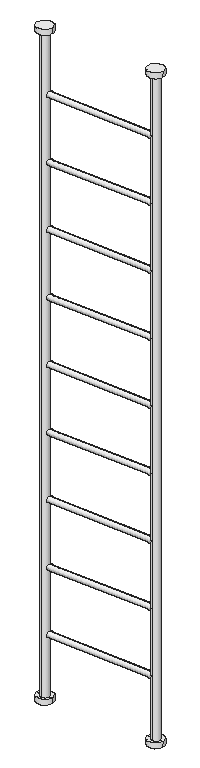
Revit family "Reece_Accessory_Milli_Mood Edit_Non Heated Towel Rail_Floor to Ceiling_550 mm", category Plumbing Fixtures, Revit 2018
Family settings
  Round Connector Dimension = Use Diameter
  Part Type = Normal
  Work Plane-Based = Yes
  Always vertical = Yes
  Cut with Voids When Loaded = Yes
  Shared = Yes
  Room Calculation Point = Yes
Parameters (values of type "Chrome")
  URL = "https://www.reece.com.au/product/-119550"
  Type Comments = "Accessory"
  Reece_Product_Web Page = "https://www.reece.com.au/product/-119550"
  Reece_Product_Type = "Accessory"  # constant formula
  Reece_Product_Sub Brand = "Mood Edit"  # constant formula
  Reece_Product_Number = "119550"
  Reece_Product_Mount = "Floor Mounted"
  Reece_Product_Description = "Milli Mood Edit Non Heated Towel Rail Floor to Ceiling 550mm Chrome"
  Reece_Product_Brand = "Milli"  # constant formula
  Reece_Overall_Width = 550 mm  # constant formula
  Reece_Overall_Height = 3000 mm  # constant formula
  Reece_Material_Main = Reece_Brass_Chrome
  Reece_Height_From_Level = 0 mm
  Reece_Detail_Shape = ""
  Reece_Detail_Installation = ""
  Reece_Detail_Disclaimer = "THIS FILE IS THE PROPERTY OF THE REECE GROUP. IT MAY NOT BE REPRODUCED, REVERSE-ENGINEERED OR MODIFIED. ANY REPUBLICATION, TRANSMISSION OR DISTRIBUTION FOR THE PURPOSE OF COMMERCIALLY EXPLOITING THE FILES IS PROHIBITED."  # constant formula
  Reece_Detail_Connector = "Electrical input required. Refer to the product web page for further details."  # constant formula
  Reece_Detail_Additional = "Floor to Ceiling\r\n"  # constant formula
  Model = "Mood Edit"
  Manufacturer = "Milli"
  Keynote = "Product #119550, Reece_Accessory_Milli_Mood Edit_Non Heated Towel Rail_Floor to Ceiling_550 mm - Chrome"
  Disclaimer = "THIS FILE IS THE PROPERTY OF THE REECE GROUP. IT MAY NOT BE REPRODUCED, REVERSE-ENGINEERED OR MODIFIED. ANY REPUBLICATION, TRANSMISSION OR DISTRIBUTION FOR THE PURPOSE OF COMMERCIALLY EXPLOITING THE FILES IS PROHIBITED."  # constant formula
  Description = "Milli Mood Edit Non Heated Towel Rail Floor to Ceiling 550mm Chrome"
  Default Elevation = 0 mm
Types (2, lengths in mm): name | URL | Reece_Product_Web Page | Reece_Product_Number | Reece_Product_Description | Reece_Material_Main | Keynote | Description
  Chrome | "https://www.reece.com.au/product/-119550" | "https://www.reece.com.au/product/-119550" | "119550" | "Milli Mood Edit Non Heated Towel Rail Floor to Ceiling 550mm Chrome" | Reece_Brass_Chrome | "Product #119550, Reece_Accessory_Milli_Mood Edit_Non Heated Towel Rail_Floor to Ceiling_550 mm - Chrome" | "Milli Mood Edit Non Heated Towel Rail Floor to Ceiling 550mm Chrome"
  Matte Black | "https://www.reece.com.au/product/-133908" | "https://www.reece.com.au/product/-133908" | "133908" | "Milli Mood Edit Non Heated Towel Rail Floor to Ceiling 550mm Matte Black" | Reece_Brass_Matte Black | "Product #133908, Reece_Accessory_Milli_Mood Edit_Non Heated Towel Rail_Floor to Ceiling_550 mm - Matte Black" | "Milli Mood Edit Non Heated Towel Rail Floor to Ceiling 550mm Black Matte"
Reference planes
  plane 1 "Center (Front/Back)": y = 0
  plane 2 "Bottom Host Plane": z = 0
  plane 3 "Center (Left/Right)": x = 0
  plane 4: y = -37.5
  plane 5 "Midrail": y = -37.5
  plane 6: x = -275
  plane 7: x = 275
  plane 8 "Top": z = 3000
  plane 9: z = 1500
  plane 10: z = 22.988
  plane 11: x = -312.5
  plane 12: x = -237.5
  plane 13: x = 312.5
  plane 14: x = 237.5
  plane 15: z = 2977.012
  plane 16 "Height From Floor": z = 0
  plane 17: y = -75
  plane 18: z = 1800
  plane 19: z = 2100
  plane 20: z = 2400
  plane 21: z = 2700
  plane 22: z = 1200
  plane 23: z = 900
  plane 24: z = 600
  plane 25: z = 300
Forms (mm)
  Sweep 1, solid, material "Reece_Brass_Chrome" <- "Reece_Material_Main"
    path origin (0, -37.5, 2976.387) x (0, 0, -1) y (-1, 0, 0)
      loop
        line (-23.613, 275) -> (2976.387, 275)
    profile origin (-275, -37.5, 1500) x (0, -1, 0) y (1, 0, 0)
      loop
        circle (0, 0) r 19
  Sweep 2, solid, material "Reece_Brass_Chrome" <- "Reece_Material_Main"
    path origin (0, -37.5, 2976.387) x (0, 0, -1) y (-1, 0, 0)
      loop
        line (-23.613, -275) -> (2976.387, -275)
    profile origin (275, -37.5, 1500) x (0, -1, 0) y (1, 0, 0)
      loop
        circle (0, 0) r 19
  Revolve 3, solid, material "Reece_Brass_Chrome" <- "Reece_Material_Main"
    sketch origin (0, -37.5, 2976.387) x (0, 0, -1) y (-1, 0, 0)
      loop
        line (2953.4, -275) -> (2976.387, -275) -> (2976.387, -237.5) -> (2953.4, -237.5) -> (2953.4, -275)
      axis (2953.4, -275) -> (2976.387, -275)
    angle from 0 to 360
  Revolve 4, solid, material "Reece_Brass_Chrome" <- "Reece_Material_Main"
    sketch origin (0, -37.5, 2976.387) x (0, 0, -1) y (-1, 0, 0)
      loop
        line (2953.4, 275) -> (2953.4, 237.5) -> (2976.387, 237.5) -> (2976.387, 275) -> (2953.4, 275)
      axis (2953.4, 275) -> (2976.387, 275)
    angle from 0 to 360
  Revolve 5, solid, material "Reece_Brass_Chrome" <- "Reece_Material_Main"
    sketch origin (0, -37.5, 2976.387) x (0, 0, -1) y (-1, 0, 0)
      loop
        line (-0.625, -275) -> (-0.625, -237.5) -> (-23.613, -237.5) -> (-23.613, -275) -> (-0.625, -275)
      axis (-0.625, -275) -> (-23.613, -275)
    angle from 0 to 360
  Revolve 6, solid, material "Reece_Brass_Chrome" <- "Reece_Material_Main"
    sketch origin (0, -37.5, 2976.387) x (0, 0, -1) y (-1, 0, 0)
      loop
        line (-0.625, 275) -> (-23.613, 275) -> (-23.613, 237.5) -> (-0.625, 237.5) -> (-0.625, 275)
      axis (-0.625, 275) -> (-23.613, 275)
    angle from 0 to 360
  Revolve 7, solid, material "Reece_Brass_Chrome" <- "Reece_Material_Main"
    sketch origin (0, -37.5, 2976.387) x (0, 0, -1) y (-1, 0, 0)
      loop
        line (1476.387, 275) -> (1463.887, 275) -> (1463.887, -275) -> (1476.387, -275) -> (1476.387, 275)
      axis (1476.387, 275) -> (1476.387, -275)
    angle from 0 to 360
  Revolve 8, solid, material "Reece_Brass_Chrome" <- "Reece_Material_Main"
    sketch origin (0, -37.5, 2976.387) x (0, 0, -1) y (-1, 0, 0)
      loop
        line (1176.387, 275) -> (1163.887, 275) -> (1163.887, -275) -> (1176.387, -275) -> (1176.387, 275)
      axis (1176.387, 275) -> (1176.387, -275)
    angle from 0 to 360
  Revolve 9, solid, material "Reece_Brass_Chrome" <- "Reece_Material_Main"
    sketch origin (0, -37.5, 2976.387) x (0, 0, -1) y (-1, 0, 0)
      loop
        line (876.387, 275) -> (863.887, 275) -> (863.887, -275) -> (876.387, -275) -> (876.387, 275)
      axis (876.387, 275) -> (876.387, -275)
    angle from 0 to 360
  Revolve 10, solid, material "Reece_Brass_Chrome" <- "Reece_Material_Main"
    sketch origin (0, -37.5, 2976.387) x (0, 0, -1) y (-1, 0, 0)
      loop
        line (576.387, 275) -> (563.887, 275) -> (563.887, -275) -> (576.387, -275) -> (576.387, 275)
      axis (576.387, 275) -> (576.387, -275)
    angle from 0 to 360
  Revolve 11, solid, material "Reece_Brass_Chrome" <- "Reece_Material_Main"
    sketch origin (0, -37.5, 2976.387) x (0, 0, -1) y (-1, 0, 0)
      loop
        line (276.387, 275) -> (263.887, 275) -> (263.887, -275) -> (276.387, -275) -> (276.387, 275)
      axis (276.387, 275) -> (276.387, -275)
    angle from 0 to 360
  Revolve 12, solid, material "Reece_Brass_Chrome" <- "Reece_Material_Main"
    sketch origin (0, -37.5, 2976.387) x (0, 0, -1) y (-1, 0, 0)
      loop
        line (1776.387, 275) -> (1776.387, -275) -> (1788.887, -275) -> (1788.887, 275) -> (1776.387, 275)
      axis (1776.387, 275) -> (1776.387, -275)
    angle from 0 to 360
  Revolve 13, solid, material "Reece_Brass_Chrome" <- "Reece_Material_Main"
    sketch origin (0, -37.5, 2976.387) x (0, 0, -1) y (-1, 0, 0)
      loop
        line (2076.387, 275) -> (2076.387, -275) -> (2088.887, -275) -> (2088.887, 275) -> (2076.387, 275)
      axis (2076.387, 275) -> (2076.387, -275)
    angle from 0 to 360
  Revolve 14, solid, material "Reece_Brass_Chrome" <- "Reece_Material_Main"
    sketch origin (0, -37.5, 2976.387) x (0, 0, -1) y (-1, 0, 0)
      loop
        line (2376.387, 275) -> (2376.387, -275) -> (2388.887, -275) -> (2388.887, 275) -> (2376.387, 275)
      axis (2376.387, 275) -> (2376.387, -275)
    angle from 0 to 360
  Revolve 15, solid, material "Reece_Brass_Chrome" <- "Reece_Material_Main"
    sketch origin (0, -37.5, 2976.387) x (0, 0, -1) y (-1, 0, 0)
      loop
        line (2676.387, 275) -> (2676.387, -275) -> (2688.887, -275) -> (2688.887, 275) -> (2676.387, 275)
      axis (2676.387, 275) -> (2676.387, -275)
    angle from 0 to 360
Cuts and joins
  joined: Sweep 1, Sweep 2, Revolve 3, Revolve 4, Revolve 5, Revolve 6, Revolve 7, Revolve 8, Revolve 9, Revolve 10, Revolve 11, Revolve 12, Revolve 13, Revolve 14, Revolve 15
Text (mm)
  text "Reece ©" at (2649.599, -2036.009, 3331.205), in view "Reece Preview"
  text "Reece Copyright © 2018, Reece Ltd." at (-20.709, -255.847, 0), in view "Ref. Level"
Dimensions and locks
  plane 11 to plane 13 = 625 mm
  plane 6 to plane 7 = 550 mm
  plane 10 to plane 16 "Height From Floor" = 22.988 mm
  "Reece_Overall_Height": plane 8 "Top" to plane 16 "Height From Floor"
  locked: plane 8 "Top" to plane 15 at 22.988
  "Reece_Overall_Width": plane 7 to plane 6
  plane 12 to plane 11 = 75 mm  (x2)
  plane 14 to plane 13 = 75 mm  (x2)
  equal spacing: plane 8 "Top", plane 9, plane 16 "Height From Floor"
  plane 15 to plane 8 "Top" = 22.988 mm  (x3)
  plane 16 "Height From Floor" to plane 10 = 22.988 mm  (x3)
  plane 16 "Height From Floor" to plane 9 to plane 8 "Top" = 1500 mm, 1500 mm  (x3)
  equal spacing: plane 7, plane 3 "Center (Left/Right)", plane 6
  plane 16 "Height From Floor" to plane 8 "Top" = 3000 mm  (x2)
  plane 2 "Bottom Host Plane" to plane 16 "Height From Floor" = 0 mm
  plane 1 "Center (Front/Back)" to plane 17 = 75 mm
  plane 17 to plane 1 "Center (Front/Back)" = 75 mm  (x2)
  plane 16 "Height From Floor" to level = 0 mm
  plane 21 to plane 20 to plane 19 to plane 18 to plane 9 to plane 22 to plane 23 to plane 24 to plane 25 = 300 mm, 300 mm, 300 mm, 300 mm, 300 mm, 300 mm, 300 mm, 300 mm
  aligned and locked: plane 16 "Height From Floor" to cut or joined group 1 (Sweep 1, Sweep 2, Revolve 3, Revolve 4, Revolve 5, Revolve 6, Revolve 7, Revolve 8, Revolve 9, Revolve 10, Revolve 11, Revolve 12, Revolve 13, Revolve 14, Revolve 15)  (x2)
  aligned and locked: cut or joined group 1 to plane 10
  aligned and locked: plane 10 to cut or joined group 1
  aligned and locked: plane 8 "Top" to cut or joined group 1  (x2)
  aligned and locked: plane 15 to cut or joined group 1
  aligned and locked: cut or joined group 1 to plane 15
Automatic sketch dimensions
  Sweep 1 sketch curve to plane 6 = 0 mm
  Sweep 1 sketch curve to plane 8 "Top" = 0 mm
  Sweep 1 sketch curve to level = 0 mm
  plane 5 "Midrail" to Sweep 1 sketch curve = 0 mm
  Sweep 1 sketch curve to profile plane = 0 mm
  Sweep 2 sketch curve to plane 7 = 0 mm
  Sweep 2 sketch curve to plane 8 "Top" = 0 mm
  Sweep 2 sketch curve to level = 0 mm
  plane 5 "Midrail" to Sweep 2 sketch curve = 0 mm
  Sweep 2 sketch curve to profile plane = 0 mm
  Revolve 3 sketch curve to plane 7 = 0 mm  (x2)
  Revolve 3 sketch curve to plane 10 = 0 mm
  Revolve 3 sketch curve to level = 0 mm
  plane 14 to Revolve 3 sketch curve = 0 mm
  plane 10 to Revolve 3 sketch curve = 42.5 mm
  Revolve 3 sketch curve to Revolve 3 sketch curve = 2.5 mm
  Revolve 4 sketch curve to plane 6 = 0 mm  (x2)
  Revolve 4 sketch curve to plane 10 = 0 mm
  Revolve 4 sketch curve to level = 0 mm
  Revolve 4 sketch curve to plane 12 = 0 mm
  plane 10 to Revolve 4 sketch curve = 42.5 mm
  Revolve 4 sketch curve to Revolve 4 sketch curve = 2.5 mm
  Revolve 5 sketch curve to plane 7 = 0 mm  (x2)
  Revolve 5 sketch curve to plane 8 "Top" = 0 mm
  Revolve 5 sketch curve to plane 15 = 0 mm
  plane 14 to Revolve 5 sketch curve = 0 mm
  Revolve 5 sketch curve to Revolve 5 sketch curve = 2.5 mm
  plane 15 to Revolve 5 sketch curve = 42.5 mm
  Revolve 6 sketch curve to plane 6 = 0 mm  (x2)
  Revolve 6 sketch curve to plane 8 "Top" = 0 mm
  Revolve 6 sketch curve to plane 15 = 0 mm
  Revolve 6 sketch curve to plane 12 = 0 mm
  Revolve 6 sketch curve to Revolve 6 sketch curve = 2.5 mm
  plane 15 to Revolve 6 sketch curve = 42.5 mm
  Revolve 7 sketch curve to plane 7 = 0 mm
  Revolve 7 sketch curve to plane 6 = 0 mm
  Revolve 7 sketch curve to plane 9 = 0 mm  (x2)
  plane 9 to Revolve 7 sketch curve = 12.5 mm
  plane 13 to Revolve 7 sketch curve = 75 mm
  plane 11 to Revolve 7 sketch curve = 160 mm
  Revolve 8 sketch curve to plane 7 = 0 mm
  Revolve 8 sketch curve to plane 6 = 0 mm
  Revolve 8 sketch curve to plane 18 = 0 mm  (x2)
  plane 18 to Revolve 8 sketch curve = 12.5 mm
  plane 13 to Revolve 8 sketch curve = 75 mm
  plane 11 to Revolve 8 sketch curve = 160 mm
  Revolve 9 sketch curve to plane 7 = 0 mm
  Revolve 9 sketch curve to plane 6 = 0 mm
  Revolve 9 sketch curve to plane 19 = 0 mm  (x2)
  plane 19 to Revolve 9 sketch curve = 12.5 mm
  plane 13 to Revolve 9 sketch curve = 75 mm
  plane 11 to Revolve 9 sketch curve = 160 mm
  Revolve 10 sketch curve to plane 7 = 0 mm
  Revolve 10 sketch curve to plane 6 = 0 mm
  Revolve 10 sketch curve to plane 20 = 0 mm  (x2)
  plane 20 to Revolve 10 sketch curve = 12.5 mm
  plane 13 to Revolve 10 sketch curve = 75 mm
  plane 11 to Revolve 10 sketch curve = 160 mm
  Revolve 11 sketch curve to plane 7 = 0 mm
  Revolve 11 sketch curve to plane 6 = 0 mm
  Revolve 11 sketch curve to plane 21 = 0 mm  (x2)
  plane 21 to Revolve 11 sketch curve = 12.5 mm
  plane 13 to Revolve 11 sketch curve = 75 mm
  plane 11 to Revolve 11 sketch curve = 160 mm
  Revolve 12 sketch curve to plane 22 = 0 mm  (x2)
  Revolve 12 sketch curve to plane 6 = 0 mm
  Revolve 12 sketch curve to plane 7 = 0 mm
  Revolve 12 sketch curve to Revolve 12 sketch curve = 12.5 mm
  plane 13 to Revolve 12 sketch curve = 75 mm
  plane 11 to Revolve 12 sketch curve = 160 mm
  Revolve 13 sketch curve to plane 23 = 0 mm  (x2)
  Revolve 13 sketch curve to plane 6 = 0 mm
  Revolve 13 sketch curve to plane 7 = 0 mm
  Revolve 13 sketch curve to Revolve 13 sketch curve = 12.5 mm
  plane 13 to Revolve 13 sketch curve = 75 mm
  plane 11 to Revolve 13 sketch curve = 160 mm
  Revolve 14 sketch curve to plane 24 = 0 mm  (x2)
  Revolve 14 sketch curve to plane 6 = 0 mm
  Revolve 14 sketch curve to plane 7 = 0 mm
  Revolve 14 sketch curve to Revolve 14 sketch curve = 12.5 mm
  plane 13 to Revolve 14 sketch curve = 75 mm
  plane 11 to Revolve 14 sketch curve = 160 mm
  Revolve 15 sketch curve to plane 25 = 0 mm  (x2)
  Revolve 15 sketch curve to plane 6 = 0 mm
  Revolve 15 sketch curve to plane 7 = 0 mm
  plane 25 to Revolve 15 sketch curve = 12.5 mm
  plane 13 to Revolve 15 sketch curve = 75 mm
  plane 11 to Revolve 15 sketch curve = 160 mm
  radius of Sweep 1 sketch curve = 19 mm
  radius of Sweep 2 sketch curve = 19 mm
